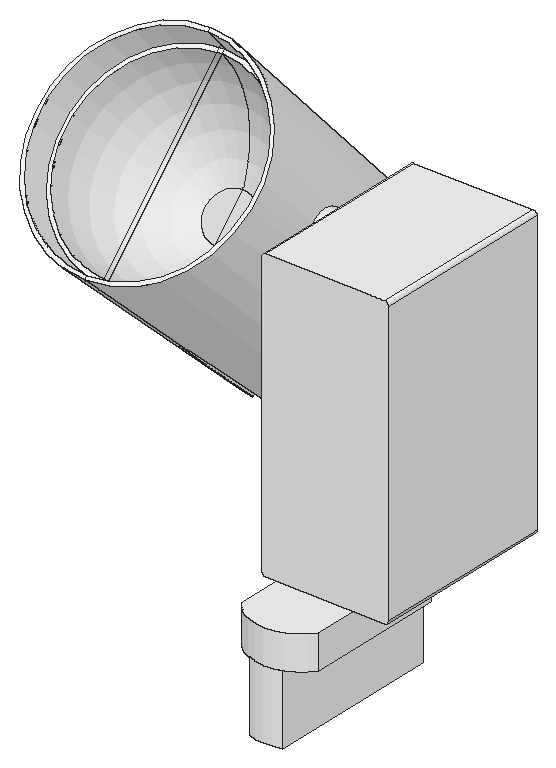
Revit family "0004811 Feilo Sylvania Lighting Fixture START TRACK SPOT S 14W 3K RA80 NB WHITE", category Lighting Fixtures, host Face, Revit 2017
Family settings
  Host = Face
  Round Connector Dimension = Use Diameter
  Part Type = Normal
  OmniClass Number = 23.80.70.00
  OmniClass Title = Lighting
  Cut with Voids When Loaded = No
  Light Source = No
  Shared = No
  Room Calculation Point = No
Parameters (values of type "0004811 START TRACK SPOT S 14W 3K RA80 NB WHITE")
  Weight = "0.94 kg"
  Wattage Comments = ""
  WarrantyStartDate [instance] = "n/a"
  WarrantyGuarantorParts = "n/a"
  WarrantyDurationUnit = "n/a"
  WarrantyDurationParts = "n/a"
  WarrantyDescription = "n/a"
  Voltage = 230 V
  URL = "http://www.sylvania-lighting.com"
  TypeName = "START TRACK SPOT S 14W 3K RA80 NB WHITE"
  TypeHead_FEILO = Start Track Spot Head : 0004811 START TRACK SPOT S 14W 3K RA80 NB WHITE
  TypeBox_FEILO = Start Track Spot Box : Type Small White
  Type Image = <None>
  Type Comments = "n/a"
  VerticalRotation_FEILO [instance] = 0.00°
  SlideEndAngle_FEILO [instance] = VerticalRotation_FEILO + 180.00°  # 180.00°
  SerialNumber [instance] = "n/a"
  Material_3_FEILO = none
  PowerFactor = 0.92
  PowerConsumption = "14 W"
  NominalLength = 0 mm
  NominalHeight = 200 mm
  NominalDepth = 140 mm
  Name = "START TRACK SPOT S 14W 3K RA80 NB WHITE"
  ModelReference = Name  # "START TRACK SPOT S 14W 3K RA80 NB WHITE"
  ModelNumber = "0004811"
  Model = Name  # "START TRACK SPOT S 14W 3K RA80 NB WHITE"
  Material = "adc12 aluminium housing, polycarbonate diffuser"
  ManufacturerName = "Feilo Sylvania"
  Manufacturer = "Feilo Sylvania"
  LuminousEfficacy = "111 lm/W"
  LuminaireType = ""
  LightOutputRatio = "100"
  LampsType = Lamp  # "LED"
  LampNominalLuminous = "1551 lm"
  LampMacAdamStep = "3"
  LampColourTemperature = "3000 K"
  LampColourRenderingIndex = "80"
  Lamp = "LED"
  Keynote = "16500"
  InstallationDate [instance] = "n/a"
  InputVoltage = "230-240V~"
  InputNominalFrequency = "50/60 Hz"
  IngressProtection = "IP20"
  ImpactProtectionIndex = "IK02"
  IfcExportType = "IfcLightFixtureType"
  IfcExportAs = "IfcLightFixtureType"
  HorizontalRotation_FEILO [instance] = 45.00°
  ExpectedLife = 50000
  ElectricShockClassification = "Class II"
  DurationUnit = "hours"
  DocumentationLiterature = "http://www.sylvania-lighting.com/product/en-int/products/0004811"
  DimmingControlOptions = "Non dimmable"
  Material_2_FEILO = none
  Description = "Integrated LED spotlight, Textured White - RAL9016, compact and minimalist design, ideal for retail applications, die-cast aluminium body, passive cooling heatsink. Beam angle: 12°, color temperature: 3000K , total system power: 14W, total fixture output: 1551 lm, LOR: 100%, colour rendering: Ra: 80 typical, LED Chromaticity: 3 step MacAdam ellipse, lifetime: >50000 hours at L70B50, energy class: A++, A+, A, IR/UV free light source without heat radiation, operating voltage: 220-240V / 50-60Hz, drive current: 350mA, electronic driver, non-dimmable, power factor: 0.92, electrical protection: Class II, Global Track 3 Phase adapter suitable for Global trac 3-circuit tracks, ingress protection rating: IP20, suitable for internal environment only, horizontal rotation: 355°, vertical tilt: 90°, dimensions: Ø86x140x200, weight: 0.940kg."
  Default Elevation = 1219.2 mm
  CreatedOn = "12/12/2017"
  CreatedBy = ""
  Cost = 0
  built-in parameter 1114216 [instance] = (empty or 0)
  ClassificationValue = "EF_70_80"
  ClassificationName = "Uniclass2015"
  Material_1_FEILO = Body-Sylvania-StartTrackSpot-White
  BarCode [instance] = "n/a"
  AssetType = "Fixed"
  AssetIdentifier [instance] = "n/a"
  Assembly Code = "D5020200"
  Apparent Load = 14 VA
  Material_4_FEILO = none
Reference planes
  plane 1 "Center (Front/Back)": y = 0
  plane 2: z = 0
  plane 3 "Center (Left/Right)": x = 0
  plane 4: x = 15
  plane 5: x = -15
  plane 6: y = 35
  plane 7: y = -35
  plane 8: z = 13
  plane 9: z = -27
  plane 10: x = 6.5
  plane 11: x = -6.5
  plane 12: y = 27
  plane 13: y = -27
  plane 14: y = 20
Forms (mm)
  Extrusion 1, solid, material "Body-Sylvania-StartTrackSpot-White" <- "Material_1_FEILO"
    sketch origin (0, 0, 0) x (1, 0, 0) y (0, 1, 0)
      loop
        line (-15, 27) -> (-15, -27)
        arc (-15, -27) -> (0, -35) -> (15, -27) r 18.062
        line (15, -27) -> (15, 27)
        arc (15, 27) -> (0, 35) -> (-15, 27) r 18.062
    from 0 to 13
  Extrusion 2, solid, material "Body-Sylvania-StartTrackSpot-White" <- "Material_1_FEILO"
    sketch origin (0, 0, 0) x (1, 0, 0) y (0, 1, 0)
      loop
        arc (6.5, 33.79) -> (0, 35) -> (-6.5, 33.79) r 18.062
        line (-6.5, 33.79) -> (-6.5, -33.79)
        arc (-6.5, -33.79) -> (0, -35) -> (6.5, -33.79) r 18.062
        line (6.5, -33.79) -> (6.5, 33.79)
    from 0 to -27
  Revolve 3, solid, not visible
    sketch origin (1524, 20, 1219.2) x (1, 0, 0) y (0, 0, 1)
      loop
        line (-1524, -1206.2) -> (-1524, -1191.285) -> (-1530.5, -1191.285) -> (-1530.5, -1206.2) -> (-1524, -1206.2)
      axis (-1524, -1191.285) -> (-1524, -1206.2)
    angle from 0 <- "VerticalRotation_FEILO" to 180 <- "SlideEndAngle_FEILO"
Cuts and joins
  joined: Extrusion 1, Extrusion 2
Dimensions and locks
  equal spacing: plane 10, plane 3 "Center (Left/Right)", plane 11
  equal spacing: plane 4, plane 3 "Center (Left/Right)", plane 5
  locked: plane 8 to plane 2 at 13
  locked: plane 8 to plane 9 at 40
  equal spacing: plane 13, plane 1 "Center (Front/Back)", plane 12
  locked: plane 12 to plane 6 at 8
  locked: plane 14 to plane 6 at 15
  locked: Revolve 3 sketch curve to plane 8 at 14.915
  aligned and locked: plane 2 to host face
  aligned and locked: level to host face
  aligned and locked: plane 5 to Extrusion 1 sketch curve  (x2)
  aligned and locked: plane 12 to Extrusion 1 sketch curve
  aligned and locked: plane 13 to Extrusion 1 sketch curve
  aligned and locked: plane 4 to Extrusion 1 sketch curve
  aligned and locked: Extrusion 1 to plane 8
  aligned and locked: Extrusion 1 to level
  aligned and locked: Extrusion 2 sketch curve to Extrusion 1  (x2)
  aligned and locked: Extrusion 2 sketch curve to plane 11
  aligned and locked: plane 10 to Extrusion 2 sketch curve
  aligned and locked: plane 9 to Extrusion 2
  aligned and locked: level to Extrusion 2
  aligned and locked: Revolve 3 sketch curve to plane 3 "Center (Left/Right)"  (x2)
  aligned and locked: plane 11 to Revolve 3 sketch curve
  aligned and locked: Revolve 3 sketch curve to plane 8
Automatic sketch dimensions
  host sketch curve to host sketch curve = 2438.4 mm  (x2)
  Extrusion 1 sketch curve to plane 3 "Center (Left/Right)" = 0 mm  (x2)
  Extrusion 1 sketch curve to plane 13 = 10.062 mm
  plane 12 to Extrusion 1 sketch curve = 10.062 mm
  Revolve 3 sketch curve to plane 3 "Center (Left/Right)" = 0 mm
  plane 9 to Revolve 3 sketch curve = 582.6 mm
  Revolve 3 sketch curve to Revolve 3 sketch curve = 2581.144 mm
Nested families
  nested 1: "Start Track Spot Head" at (-62, 20, 112.529) x (0, 0.7071, 0.7071) z (0, 0.7071, -0.7071), type <- "TypeHead_FEILO", type "0004811 START TRACK SPOT S 14W 3K RA80 NB WHITE"
    with built-in parameter 1114216 (empty or 0)
  nested 2: "Start Track Spot Box" at (8.5, 20, 73) x (-1, 0, 0) z (0, -1, 0), BoxStartAngle_FEILO <- "HorizontalRotation_FEILO", type <- "TypeBox_FEILO", type "Type Small White"
    with BoxStartAngle_FEILO 45.00°, BoxEndAngle_FEILO -135.00°
Connectors
  electrical at (0, 0, 0), driven by "Apparent Load", driven by "PowerFactor", driven by "Voltage"
    settings: index 1, voltage 230 V, apparent load 14 VA, apparent load phase1 0 VA, apparent load phase2 0 VA, apparent load phase3 0 VA, power factor 0.92, load classification "Lighting", number of poles 1, system type 30, power factor state 1, is connector primary yes, connector utility no, sub classification motor no, connector description ""
Definition of nested family "Start Track Spot Head"
  Parameters (values of type "0004811 START TRACK SPOT S 14W 3K RA80 NB WHITE")
    Wattage Comments = "n/a"
    Wattage = 14 W
    built-in parameter 1150110 = 1 (stored number, unit not read)
    URL = "http://www.feilosylvania.com"
    Type Image = (empty or 0)
    Type Comments = "n/a"
    built-in parameter 1114217 = 1 (stored number, unit not read)
    Tilt Angle = -90.00°
    built-in parameter 1150109 = 1 (stored number, unit not read)
    built-in parameter 1150134 = (empty or 0)
    built-in parameter 1150113 = 1 (stored number, unit not read)
    Photometric Web File = "0004811.ies"
    Material_3_FEILO = none
    Model = "START TRACK SPOT S 14W 3K RA80 NB WHITE"
    Manufacturer = "Feilo Sylvania"
    built-in parameter 1150105 = 123.66 (stored number, unit not read)
    Lumens = 1554 lm
    built-in parameter 1150115 = 1 (stored number, unit not read)
    built-in parameter 1150137 = (empty or 0)
    built-in parameter 1150139 = (empty or 0)
    built-in parameter 1150112 = 1 (stored number, unit not read)
    built-in parameter 1150114 = 1 (stored number, unit not read)
    Lamp = "LED"
    Keynote = "16500"
    Material_2_FEILO = none
    built-in parameter 1150132 = (empty or 0)
    built-in parameter 1150102 = (empty or 0)
    built-in parameter 1150107 = 3000 (stored number, unit not read)
    built-in parameter 1150138 = (empty or 0)
    built-in parameter 1150106 = 1.2366 (stored number, unit not read)
    HeadThickness_FEILO = if(HeadDiaOut_FEILO > 112 mm, 2 mm, 1.5 mm)  # 1.5 mm
    HeadRibOffset_FEILO = HeadHeight_FEILO / 28  # 4.179 mm
    HeadRibDepth_FEILO = HeadHeight_FEILO / 2.1  # 55.714 mm
    HeadRibCutWidth_FEILO = HeadDiaOut_FEILO / 12  # 7.167 mm
    HeadRibCutOffset_FEILO = HeadHeight_FEILO / 2.3  # 50.87 mm
    HeadReflectorRadius_FEILO = HeadDiaOut_FEILO / 1.7  # 50.588 mm
    HeadReflectorOffset_FEILO = HeadHeight_FEILO / 2.1  # 55.714 mm
    HeadLEDRadius_FEILO = HeadDiaOut_FEILO / 9  # 9.556 mm
    HeadHeight_FEILO = 117 mm
    HeadDraft_FEILO = 1 mm
    HeadDiffusorThickness_FEILO = 3 mm
    HeadDiffusorOffset_FEILO = HeadHeight_FEILO / 12.4  # 9.435 mm
    HeadDiaOut_FEILO = 86 mm
    HeadDiaIn_FEILO = HeadDiaOut_FEILO / 1.11  # 77.477 mm
    HeadAxisFromTop_FEILO = HeadHeight_FEILO / 1.687  # 69.354 mm
    Emit from Circle Diameter = HeadDiaIn_FEILO  # 77.477 mm
    Emit Shape Visible in Rendering = no
    built-in parameter 1150104 = 10.312 (stored number, unit not read)
    Dimming Lamp Color Temperature Shift = (empty or 0)
    Description = "Integrated LED spotlight, Textured White - RAL9016, compact and minimalist design, ideal for retail applications, die-cast aluminium body, passive cooling heatsink. Beam angle: 12°, color temperature: 3000K , total system power: 14W, total fixture output: 1551 lm, LOR: 100%, colour rendering: Ra: 80 typical, LED Chromaticity: 3 step MacAdam ellipse, lifetime: >50000 hours at L70B50, energy class: A++, A+, A, IR/UV free light source without heat radiation, operating voltage: 220-240V / 50-60Hz, drive current: 350mA, electronic driver, non-dimmable, power factor: 0.92, electrical protection: Class II, Global Track 3 Phase adapter suitable for Global trac 3-circuit tracks, ingress protection rating: IP20, suitable for internal environment only, horizontal rotation: 355°, vertical tilt: 90°, dimensions: Ø86x140x200, weight: 0.940kg."
    Default Elevation = 1219.2 mm
    Cost = 0
    Color Filter = 16777215
    built-in parameter 1114216 [instance] = (empty or 0)
    Material_1_FEILO = none
    built-in parameter 1114218 = 1 (stored number, unit not read)
    built-in parameter 1150133 = 10 (stored number, unit not read)
    Assembly Code = "D5020200"
    Apparent Load = 14 VA
    Material_4_FEILO = none
  Types (96, lengths in mm): name | Wattage | built-in parameter 1150134 | Photometric Web File | Model | built-in parameter 1150105 | Lumens | built-in parameter 1150107 | built-in parameter 1150106 | HeadThickness_FEILO | HeadRibOffset_FEILO | HeadRibDepth_FEILO | HeadRibCutWidth_FEILO | HeadRibCutOffset_FEILO | HeadReflectorRadius_FEILO | HeadReflectorOffset_FEILO | HeadLEDRadius_FEILO | HeadHeight_FEILO | HeadDiffusorOffset_FEILO | HeadDiaOut_FEILO | HeadDiaIn_FEILO | HeadAxisFromTop_FEILO | Emit from Circle Diameter | built-in parameter 1150104 | Description | Apparent Load
    0004906 START TRACK SPOT L 55W 4K RA90 WB BLACK | 55 W | 12 | "0004906.ies" | "START TRACK SPOT L 55W 4K RA90 WB BLACK" | 385.15 (stored number, unit not read) | 4840 lm | 4000 (stored number, unit not read) | 3.8515 (stored number, unit not read) | 2 | 4.429 | 59.048 | 9.417 | 53.913 | 66.471 | 59.048 | 12.556 | 124 | 10 | 113 | 101.802 | 73.503 | 101.802 | 8.1755 (stored number, unit not read) | "Integrated LED spotlight, Textured Black - RAL9005, compact and minimalist design, ideal for retail applications, die-cast aluminium body, passive cooling heatsink. Beam angle: 52°, color temperature: 4000K , total system power: 55W, total fixture output: 4824 lm, LOR: 100%, colour rendering: Ra: 90 typical, LED Chromaticity: 3 step MacAdam ellipse, lifetime: >50000 hours at L70B50, energy class: A++, A+, A, IR/UV free light source without heat radiation, operating voltage: 220-240V / 50-60Hz, drive current: 1400mA, electronic driver, non-dimmable, power factor: 0.96, electrical protection: Class II, Global Track 3 Phase adapter suitable for Global trac 3-circuit tracks, ingress protection rating: IP20, suitable for internal environment only, horizontal rotation: 355°, vertical tilt: 90°, dimensions: Ø113x164x240, weight: 1.398kg." | 55 VA
    0004905 START TRACK SPOT L 55W 4K RA90 MB BLACK | 55 W | 12 | "0004905.ies" | "START TRACK SPOT L 55W 4K RA90 MB BLACK" | 389.53 (stored number, unit not read) | 4895 lm | 4000 (stored number, unit not read) | 3.8953 (stored number, unit not read) | 2 | 4.429 | 59.048 | 9.417 | 53.913 | 66.471 | 59.048 | 12.556 | 124 | 10 | 113 | 101.802 | 73.503 | 101.802 | 8.2684 (stored number, unit not read) | "Integrated LED spotlight, Textured Black - RAL9005, compact and minimalist design, ideal for retail applications, die-cast aluminium body, passive cooling heatsink. Beam angle: 38°, color temperature: 4000K , total system power: 55W, total fixture output: 4897 lm, LOR: 100%, colour rendering: Ra: 90 typical, LED Chromaticity: 3 step MacAdam ellipse, lifetime: >50000 hours at L70B50, energy class: A++, A+, A, IR/UV free light source without heat radiation, operating voltage: 220-240V / 50-60Hz, drive current: 1400mA, electronic driver, non-dimmable, power factor: 0.96, electrical protection: Class II, Global Track 3 Phase adapter suitable for Global trac 3-circuit tracks, ingress protection rating: IP20, suitable for internal environment only, horizontal rotation: 355°, vertical tilt: 90°, dimensions: Ø113x164x240, weight: 1.398kg." | 55 VA
    0004904 START TRACK SPOT L 55W 4K RA90 NB BLACK | 55 W | 12 | "0004904.ies" | "START TRACK SPOT L 55W 4K RA90 NB BLACK" | 393.91 (stored number, unit not read) | 4950 lm | 4000 (stored number, unit not read) | 3.9391 (stored number, unit not read) | 2 | 4.429 | 59.048 | 9.417 | 53.913 | 66.471 | 59.048 | 12.556 | 124 | 10 | 113 | 101.802 | 73.503 | 101.802 | 8.3613 (stored number, unit not read) | "Integrated LED spotlight, Textured Black - RAL9005, compact and minimalist design, ideal for retail applications, die-cast aluminium body, passive cooling heatsink. Beam angle: 15°, color temperature: 4000K , total system power: 55W, total fixture output: 4965 lm, LOR: 100%, colour rendering: Ra: 90 typical, LED Chromaticity: 3 step MacAdam ellipse, lifetime: >50000 hours at L70B50, energy class: A++, A+, A, IR/UV free light source without heat radiation, operating voltage: 220-240V / 50-60Hz, drive current: 1400mA, electronic driver, non-dimmable, power factor: 0.96, electrical protection: Class II, Global Track 3 Phase adapter suitable for Global trac 3-circuit tracks, ingress protection rating: IP20, suitable for internal environment only, horizontal rotation: 355°, vertical tilt: 90°, dimensions: Ø113x164x240, weight: 1.398kg." | 55 VA
    0004903 START TRACK SPOT L 35W 4K RA90 WB BLACK | 35 W | 12 | "0004903.ies" | "START TRACK SPOT L 35W 4K RA90 WB BLACK" | 284.09 (stored number, unit not read) | 3570 lm | 4000 (stored number, unit not read) | 2.8409 (stored number, unit not read) | 2 | 4.429 | 59.048 | 9.417 | 53.913 | 66.471 | 59.048 | 12.556 | 124 | 10 | 113 | 101.802 | 73.503 | 101.802 | 9.4761 (stored number, unit not read) | "Integrated LED spotlight, Textured Black - RAL9005, compact and minimalist design, ideal for retail applications, die-cast aluminium body, passive cooling heatsink. Beam angle: 52°, color temperature: 4000K , total system power: 35W, total fixture output: 3562 lm, LOR: 100%, colour rendering: Ra: 90 typical, LED Chromaticity: 3 step MacAdam ellipse, lifetime: >50000 hours at L70B50, energy class: A++, A+, A, IR/UV free light source without heat radiation, operating voltage: 220-240V / 50-60Hz, drive current: 900mA, electronic driver, non-dimmable, power factor: 0.93, electrical protection: Class II, Global Track 3 Phase adapter suitable for Global trac 3-circuit tracks, ingress protection rating: IP20, suitable for internal environment only, horizontal rotation: 355°, vertical tilt: 90°, dimensions: Ø113x164x240, weight: 1.368kg." | 35 VA
    0004902 START TRACK SPOT L 35W 4K RA90 MB BLACK | 35 W | 12 | "0004902.ies" | "START TRACK SPOT L 35W 4K RA90 MB BLACK" | 286.88 (stored number, unit not read) | 3605 lm | 4000 (stored number, unit not read) | 2.8688 (stored number, unit not read) | 2 | 4.429 | 59.048 | 9.417 | 53.913 | 66.471 | 59.048 | 12.556 | 124 | 10 | 113 | 101.802 | 73.503 | 101.802 | 9.569 (stored number, unit not read) | "Integrated LED spotlight, Textured Black - RAL9005, compact and minimalist design, ideal for retail applications, die-cast aluminium body, passive cooling heatsink. Beam angle: 38°, color temperature: 4000K , total system power: 35W, total fixture output: 3616 lm, LOR: 100%, colour rendering: Ra: 90 typical, LED Chromaticity: 3 step MacAdam ellipse, lifetime: >50000 hours at L70B50, energy class: A++, A+, A, IR/UV free light source without heat radiation, operating voltage: 220-240V / 50-60Hz, drive current: 900mA, electronic driver, non-dimmable, power factor: 0.93, electrical protection: Class II, Global Track 3 Phase adapter suitable for Global trac 3-circuit tracks, ingress protection rating: IP20, suitable for internal environment only, horizontal rotation: 355°, vertical tilt: 90°, dimensions: Ø113x164x240, weight: 1.368kg." | 35 VA
    0004901 START TRACK SPOT L 35W 4K RA90 NB BLACK | 35 W | 12 | "0004901.ies" | "START TRACK SPOT L 35W 4K RA90 NB BLACK" | 286.88 (stored number, unit not read) | 3605 lm | 4000 (stored number, unit not read) | 2.8688 (stored number, unit not read) | 2 | 4.429 | 59.048 | 9.417 | 53.913 | 66.471 | 59.048 | 12.556 | 124 | 10 | 113 | 101.802 | 73.503 | 101.802 | 9.569 (stored number, unit not read) | "Integrated LED spotlight, Textured Black - RAL9005, compact and minimalist design, ideal for retail applications, die-cast aluminium body, passive cooling heatsink. Beam angle: 15°, color temperature: 4000K , total system power: 35W, total fixture output: 3593 lm, LOR: 100%, colour rendering: Ra: 90 typical, LED Chromaticity: 3 step MacAdam ellipse, lifetime: >50000 hours at L70B50, energy class: A++, A+, A, IR/UV free light source without heat radiation, operating voltage: 220-240V / 50-60Hz, drive current: 900mA, electronic driver, non-dimmable, power factor: 0.93, electrical protection: Class II, Global Track 3 Phase adapter suitable for Global trac 3-circuit tracks, ingress protection rating: IP20, suitable for internal environment only, horizontal rotation: 355°, vertical tilt: 90°, dimensions: Ø113x164x240, weight: 1.368kg." | 35 VA
    0004900 START TRACK SPOT S 24W 4K RA90 WB BLACK | 24 W | 12 | "0004900.ies" | "START TRACK SPOT S 24W 4K RA90 WB BLACK" | 166.16 (stored number, unit not read) | 2088 lm | 4000 (stored number, unit not read) | 1.6616 (stored number, unit not read) | 1.5 | 4.179 | 55.714 | 7.167 | 50.87 | 50.588 | 55.714 | 9.556 | 117 | 9.435 | 86 | 77.477 | 69.354 | 77.477 | 8.0826 (stored number, unit not read) | "Integrated LED spotlight, Textured Black - RAL9005, compact and minimalist design, ideal for retail applications, die-cast aluminium body, passive cooling heatsink. Beam angle: 64°, color temperature: 4000K , total system power: 24W, total fixture output: 2087 lm, LOR: 100%, colour rendering: Ra: 90 typical, LED Chromaticity: 3 step MacAdam ellipse, lifetime: >50000 hours at L70B50, energy class: A++, A+, A, IR/UV free light source without heat radiation, operating voltage: 220-240V / 50-60Hz, drive current: 600mA, electronic driver, non-dimmable, power factor: 0.95, electrical protection: Class II, Global Track 3 Phase adapter suitable for Global trac 3-circuit tracks, ingress protection rating: IP20, suitable for internal environment only, horizontal rotation: 355°, vertical tilt: 90°, dimensions: Ø86x140x200, weight: 0.966kg." | 24 VA
    0004899 START TRACK SPOT S 24W 4K RA90 MB BLACK | 24 W | 12 | "0004899.ies" | "START TRACK SPOT S 24W 4K RA90 MB BLACK" | 169.98 (stored number, unit not read) | 2136 lm | 4000 (stored number, unit not read) | 1.6998 (stored number, unit not read) | 1.5 | 4.179 | 55.714 | 7.167 | 50.87 | 50.588 | 55.714 | 9.556 | 117 | 9.435 | 86 | 77.477 | 69.354 | 77.477 | 8.2684 (stored number, unit not read) | "Integrated LED spotlight, Textured Black - RAL9005, compact and minimalist design, ideal for retail applications, die-cast aluminium body, passive cooling heatsink. Beam angle: 36°, color temperature: 4000K , total system power: 24W, total fixture output: 2141 lm, LOR: 100%, colour rendering: Ra: 90 typical, LED Chromaticity: 3 step MacAdam ellipse, lifetime: >50000 hours at L70B50, energy class: A++, A+, A, IR/UV free light source without heat radiation, operating voltage: 220-240V / 50-60Hz, drive current: 600mA, electronic driver, non-dimmable, power factor: 0.95, electrical protection: Class II, Global Track 3 Phase adapter suitable for Global trac 3-circuit tracks, ingress protection rating: IP20, suitable for internal environment only, horizontal rotation: 355°, vertical tilt: 90°, dimensions: Ø86x140x200, weight: 0.966kg." | 24 VA
    0004898 START TRACK SPOT S 24W 4K RA90 NB BLACK | 24 W | 12 | "0004898.ies" | "START TRACK SPOT S 24W 4K RA90 NB BLACK" | 171.89 (stored number, unit not read) | 2160 lm | 4000 (stored number, unit not read) | 1.7189 (stored number, unit not read) | 1.5 | 4.179 | 55.714 | 7.167 | 50.87 | 50.588 | 55.714 | 9.556 | 117 | 9.435 | 86 | 77.477 | 69.354 | 77.477 | 8.3613 (stored number, unit not read) | "Integrated LED spotlight, Textured Black - RAL9005, compact and minimalist design, ideal for retail applications, die-cast aluminium body, passive cooling heatsink. Beam angle: 12°, color temperature: 4000K , total system power: 24W, total fixture output: 2155 lm, LOR: 100%, colour rendering: Ra: 90 typical, LED Chromaticity: 3 step MacAdam ellipse, lifetime: >50000 hours at L70B50, energy class: A++, A+, A, IR/UV free light source without heat radiation, operating voltage: 220-240V / 50-60Hz, drive current: 600mA, electronic driver, non-dimmable, power factor: 0.95, electrical protection: Class II, Global Track 3 Phase adapter suitable for Global trac 3-circuit tracks, ingress protection rating: IP20, suitable for internal environment only, horizontal rotation: 355°, vertical tilt: 90°, dimensions: Ø86x140x200, weight: 0.966kg." | 24 VA
    0004897 START TRACK SPOT S 14W 4K RA90 WB BLACK | 14 W | 12 | "0004897.ies" | "START TRACK SPOT S 14W 4K RA90 WB BLACK" | 108.07 (stored number, unit not read) | 1358 lm | 4000 (stored number, unit not read) | 1.0807 (stored number, unit not read) | 1.5 | 4.179 | 55.714 | 7.167 | 50.87 | 50.588 | 55.714 | 9.556 | 117 | 9.435 | 86 | 77.477 | 69.354 | 77.477 | 9.0116 (stored number, unit not read) | "Integrated LED spotlight, Textured Black - RAL9005, compact and minimalist design, ideal for retail applications, die-cast aluminium body, passive cooling heatsink. Beam angle: 64°, color temperature: 4000K , total system power: 14W, total fixture output: 1352 lm, LOR: 100%, colour rendering: Ra: 90 typical, LED Chromaticity: 3 step MacAdam ellipse, lifetime: >50000 hours at L70B50, energy class: A++, A+, A, IR/UV free light source without heat radiation, operating voltage: 220-240V / 50-60Hz, drive current: 350mA, electronic driver, non-dimmable, power factor: 0.92, electrical protection: Class II, Global Track 3 Phase adapter suitable for Global trac 3-circuit tracks, ingress protection rating: IP20, suitable for internal environment only, horizontal rotation: 355°, vertical tilt: 90°, dimensions: Ø86x140x200, weight: 0.940kg." | 14 VA
    0004896 START TRACK SPOT S 14W 4K RA90 MB BLACK | 14 W | 12 | "0004896.ies" | "START TRACK SPOT S 14W 4K RA90 MB BLACK" | 108.07 (stored number, unit not read) | 1358 lm | 4000 (stored number, unit not read) | 1.0807 (stored number, unit not read) | 1.5 | 4.179 | 55.714 | 7.167 | 50.87 | 50.588 | 55.714 | 9.556 | 117 | 9.435 | 86 | 77.477 | 69.354 | 77.477 | 9.0116 (stored number, unit not read) | "Integrated LED spotlight, Textured Black - RAL9005, compact and minimalist design, ideal for retail applications, die-cast aluminium body, passive cooling heatsink. Beam angle: 36°, color temperature: 4000K , total system power: 14W, total fixture output: 1359 lm, LOR: 100%, colour rendering: Ra: 90 typical, LED Chromaticity: 3 step MacAdam ellipse, lifetime: >50000 hours at L70B50, energy class: A++, A+, A, IR/UV free light source without heat radiation, operating voltage: 220-240V / 50-60Hz, drive current: 350mA, electronic driver, non-dimmable, power factor: 0.92, electrical protection: Class II, Global Track 3 Phase adapter suitable for Global trac 3-circuit tracks, ingress protection rating: IP20, suitable for internal environment only, horizontal rotation: 355°, vertical tilt: 90°, dimensions: Ø86x140x200, weight: 0.940kg." | 14 VA
    0004895 START TRACK SPOT S 14W 4K RA90 NB BLACK | 14 W | 12 | "0004895.ies" | "START TRACK SPOT S 14W 4K RA90 NB BLACK" | 106.95 (stored number, unit not read) | 1344 lm | 4000 (stored number, unit not read) | 1.0695 (stored number, unit not read) | 1.5 | 4.179 | 55.714 | 7.167 | 50.87 | 50.588 | 55.714 | 9.556 | 117 | 9.435 | 86 | 77.477 | 69.354 | 77.477 | 8.9187 (stored number, unit not read) | "Integrated LED spotlight, Textured Black - RAL9005, compact and minimalist design, ideal for retail applications, die-cast aluminium body, passive cooling heatsink. Beam angle: 12°, color temperature: 4000K , total system power: 14W, total fixture output: 1349 lm, LOR: 100%, colour rendering: Ra: 90 typical, LED Chromaticity: 3 step MacAdam ellipse, lifetime: >50000 hours at L70B50, energy class: A++, A+, A, IR/UV free light source without heat radiation, operating voltage: 220-240V / 50-60Hz, drive current: 350mA, electronic driver, non-dimmable, power factor: 0.92, electrical protection: Class II, Global Track 3 Phase adapter suitable for Global trac 3-circuit tracks, ingress protection rating: IP20, suitable for internal environment only, horizontal rotation: 355°, vertical tilt: 90°, dimensions: Ø86x140x200, weight: 0.940kg." | 14 VA
    0004894 START TRACK SPOT L 55W 3K RA90 WB BLACK | 55 W | (empty or 0) | "0004894.ies" | "START TRACK SPOT L 55W 3K RA90 WB BLACK" | 350.14 (stored number, unit not read) | 4400 lm | 3000 (stored number, unit not read) | 3.5014 (stored number, unit not read) | 2 | 4.429 | 59.048 | 9.417 | 53.913 | 66.471 | 59.048 | 12.556 | 124 | 10 | 113 | 101.802 | 73.503 | 101.802 | 7.4322 (stored number, unit not read) | "Integrated LED spotlight, Textured Black - RAL9005, compact and minimalist design, ideal for retail applications, die-cast aluminium body, passive cooling heatsink. Beam angle: 52°, color temperature: 3000K , total system power: 55W, total fixture output: 4405 lm, LOR: 100%, colour rendering: Ra: 90 typical, LED Chromaticity: 3 step MacAdam ellipse, lifetime: >50000 hours at L70B50, energy class: A++, A+, A, IR/UV free light source without heat radiation, operating voltage: 220-240V / 50-60Hz, drive current: 1400mA, electronic driver, non-dimmable, power factor: 0.96, electrical protection: Class II, Global Track 3 Phase adapter suitable for Global trac 3-circuit tracks, ingress protection rating: IP20, suitable for internal environment only, horizontal rotation: 355°, vertical tilt: 90°, dimensions: Ø113x164x240, weight: 1.398kg." | 55 VA
    0004893 START TRACK SPOT L 55W 3K RA90 MB BLACK | 55 W | (empty or 0) | "0004893.ies" | "START TRACK SPOT L 55W 3K RA90 MB BLACK" | 354.52 (stored number, unit not read) | 4455 lm | 3000 (stored number, unit not read) | 3.5452 (stored number, unit not read) | 2 | 4.429 | 59.048 | 9.417 | 53.913 | 66.471 | 59.048 | 12.556 | 124 | 10 | 113 | 101.802 | 73.503 | 101.802 | 7.5251 (stored number, unit not read) | "Integrated LED spotlight, Textured Black - RAL9005, compact and minimalist design, ideal for retail applications, die-cast aluminium body, passive cooling heatsink. Beam angle: 38°, color temperature: 3000K , total system power: 55W, total fixture output: 4448 lm, LOR: 100%, colour rendering: Ra: 90 typical, LED Chromaticity: 3 step MacAdam ellipse, lifetime: >50000 hours at L70B50, energy class: A++, A+, A, IR/UV free light source without heat radiation, operating voltage: 220-240V / 50-60Hz, drive current: 1400mA, electronic driver, non-dimmable, power factor: 0.96, electrical protection: Class II, Global Track 3 Phase adapter suitable for Global trac 3-circuit tracks, ingress protection rating: IP20, suitable for internal environment only, horizontal rotation: 355°, vertical tilt: 90°, dimensions: Ø113x164x240, weight: 1.398kg." | 55 VA
    0004892 START TRACK SPOT L 55W 3K RA90 NB BLACK | 55 W | (empty or 0) | "0004892.ies" | "START TRACK SPOT L 55W 3K RA90 NB BLACK" | 350.14 (stored number, unit not read) | 4400 lm | 3000 (stored number, unit not read) | 3.5014 (stored number, unit not read) | 2 | 4.429 | 59.048 | 9.417 | 53.913 | 66.471 | 59.048 | 12.556 | 124 | 10 | 113 | 101.802 | 73.503 | 101.802 | 7.4322 (stored number, unit not read) | "Integrated LED spotlight, Textured Black - RAL9005, compact and minimalist design, ideal for retail applications, die-cast aluminium body, passive cooling heatsink. Beam angle: 15°, color temperature: 3000K , total system power: 55W, total fixture output: 4416 lm, LOR: 100%, colour rendering: Ra: 90 typical, LED Chromaticity: 3 step MacAdam ellipse, lifetime: >50000 hours at L70B50, energy class: A++, A+, A, IR/UV free light source without heat radiation, operating voltage: 220-240V / 50-60Hz, drive current: 1400mA, electronic driver, non-dimmable, power factor: 0.96, electrical protection: Class II, Global Track 3 Phase adapter suitable for Global trac 3-circuit tracks, ingress protection rating: IP20, suitable for internal environment only, horizontal rotation: 355°, vertical tilt: 90°, dimensions: Ø113x164x240, weight: 1.398kg." | 55 VA
    0004891 START TRACK SPOT L 35W 3K RA90 WB BLACK | 35 W | (empty or 0) | "0004891.ies" | "START TRACK SPOT L 35W 3K RA90 WB BLACK" | 259.02 (stored number, unit not read) | 3255 lm | 3000 (stored number, unit not read) | 2.5902 (stored number, unit not read) | 2 | 4.429 | 59.048 | 9.417 | 53.913 | 66.471 | 59.048 | 12.556 | 124 | 10 | 113 | 101.802 | 73.503 | 101.802 | 8.64 (stored number, unit not read) | "Integrated LED spotlight, Textured Black - RAL9005, compact and minimalist design, ideal for retail applications, die-cast aluminium body, passive cooling heatsink. Beam angle: 52°, color temperature: 3000K , total system power: 35W, total fixture output: 3260 lm, LOR: 100%, colour rendering: Ra: 90 typical, LED Chromaticity: 3 step MacAdam ellipse, lifetime: >50000 hours at L70B50, energy class: A++, A+, A, IR/UV free light source without heat radiation, operating voltage: 220-240V / 50-60Hz, drive current: 900mA, electronic driver, non-dimmable, power factor: 0.93, electrical protection: Class II, Global Track 3 Phase adapter suitable for Global trac 3-circuit tracks, ingress protection rating: IP20, suitable for internal environment only, horizontal rotation: 355°, vertical tilt: 90°, dimensions: Ø113x164x240, weight: 1.368kg." | 35 VA
    0004890 START TRACK SPOT L 35W 3K RA90 MB BLACK | 35 W | (empty or 0) | "0004890.ies" | "START TRACK SPOT L 35W 3K RA90 MB BLACK" | 261.81 (stored number, unit not read) | 3290 lm | 3000 (stored number, unit not read) | 2.6181 (stored number, unit not read) | 2 | 4.429 | 59.048 | 9.417 | 53.913 | 66.471 | 59.048 | 12.556 | 124 | 10 | 113 | 101.802 | 73.503 | 101.802 | 8.7329 (stored number, unit not read) | "Integrated LED spotlight, Textured Black - RAL9005, compact and minimalist design, ideal for retail applications, die-cast aluminium body, passive cooling heatsink. Beam angle: 38°, color temperature: 3000K , total system power: 35W, total fixture output: 3306 lm, LOR: 100%, colour rendering: Ra: 90 typical, LED Chromaticity: 3 step MacAdam ellipse, lifetime: >50000 hours at L70B50, energy class: A++, A+, A, IR/UV free light source without heat radiation, operating voltage: 220-240V / 50-60Hz, drive current: 900mA, electronic driver, non-dimmable, power factor: 0.93, electrical protection: Class II, Global Track 3 Phase adapter suitable for Global trac 3-circuit tracks, ingress protection rating: IP20, suitable for internal environment only, horizontal rotation: 355°, vertical tilt: 90°, dimensions: Ø113x164x240, weight: 1.368kg." | 35 VA
    0004889 START TRACK SPOT L 35W 3K RA90 NB BLACK | 35 W | (empty or 0) | "0004889.ies" | "START TRACK SPOT L 35W 3K RA90 NB BLACK" | 261.81 (stored number, unit not read) | 3290 lm | 3000 (stored number, unit not read) | 2.6181 (stored number, unit not read) | 2 | 4.429 | 59.048 | 9.417 | 53.913 | 66.471 | 59.048 | 12.556 | 124 | 10 | 113 | 101.802 | 73.503 | 101.802 | 8.7329 (stored number, unit not read) | "Integrated LED spotlight, Textured Black - RAL9005, compact and minimalist design, ideal for retail applications, die-cast aluminium body, passive cooling heatsink. Beam angle: 15°, color temperature: 3000K , total system power: 35W, total fixture output: 3287 lm, LOR: 100%, colour rendering: Ra: 90 typical, LED Chromaticity: 3 step MacAdam ellipse, lifetime: >50000 hours at L70B50, energy class: A++, A+, A, IR/UV free light source without heat radiation, operating voltage: 220-240V / 50-60Hz, drive current: 900mA, electronic driver, non-dimmable, power factor: 0.93, electrical protection: Class II, Global Track 3 Phase adapter suitable for Global trac 3-circuit tracks, ingress protection rating: IP20, suitable for internal environment only, horizontal rotation: 355°, vertical tilt: 90°, dimensions: Ø113x164x240, weight: 1.368kg." | 35 VA
    0004888 START TRACK SPOT S 24W 3K RA90 WB BLACK | 24 W | (empty or 0) | "0004888.ies" | "START TRACK SPOT S 24W 3K RA90 WB BLACK" | 152.79 (stored number, unit not read) | 1920 lm | 3000 (stored number, unit not read) | 1.5279 (stored number, unit not read) | 1.5 | 4.179 | 55.714 | 7.167 | 50.87 | 50.588 | 55.714 | 9.556 | 117 | 9.435 | 86 | 77.477 | 69.354 | 77.477 | 7.4322 (stored number, unit not read) | "Integrated LED spotlight, Textured Black - RAL9005, compact and minimalist design, ideal for retail applications, die-cast aluminium body, passive cooling heatsink. Beam angle: 64°, color temperature: 3000K , total system power: 24W, total fixture output: 1928 lm, LOR: 100%, colour rendering: Ra: 90 typical, LED Chromaticity: 3 step MacAdam ellipse, lifetime: >50000 hours at L70B50, energy class: A++, A+, A, IR/UV free light source without heat radiation, operating voltage: 220-240V / 50-60Hz, drive current: 600mA, electronic driver, non-dimmable, power factor: 0.95, electrical protection: Class II, Global Track 3 Phase adapter suitable for Global trac 3-circuit tracks, ingress protection rating: IP20, suitable for internal environment only, horizontal rotation: 355°, vertical tilt: 90°, dimensions: Ø86x140x200, weight: 0.966kg." | 24 VA
    0004887 START TRACK SPOT S 24W 3K RA90 MB BLACK | 24 W | (empty or 0) | "0004887.ies" | "START TRACK SPOT S 24W 3K RA90 MB BLACK" | 154.7 (stored number, unit not read) | 1944 lm | 3000 (stored number, unit not read) | 1.547 (stored number, unit not read) | 1.5 | 4.179 | 55.714 | 7.167 | 50.87 | 50.588 | 55.714 | 9.556 | 117 | 9.435 | 86 | 77.477 | 69.354 | 77.477 | 7.5251 (stored number, unit not read) | "Integrated LED spotlight, Textured Black - RAL9005, compact and minimalist design, ideal for retail applications, die-cast aluminium body, passive cooling heatsink. Beam angle: 36°, color temperature: 3000K , total system power: 24W, total fixture output: 1944 lm, LOR: 100%, colour rendering: Ra: 90 typical, LED Chromaticity: 3 step MacAdam ellipse, lifetime: >50000 hours at L70B50, energy class: A++, A+, A, IR/UV free light source without heat radiation, operating voltage: 220-240V / 50-60Hz, drive current: 600mA, electronic driver, non-dimmable, power factor: 0.95, electrical protection: Class II, Global Track 3 Phase adapter suitable for Global trac 3-circuit tracks, ingress protection rating: IP20, suitable for internal environment only, horizontal rotation: 355°, vertical tilt: 90°, dimensions: Ø86x140x200, weight: 0.966kg." | 24 VA
    0004886 START TRACK SPOT S 24W 3K RA90 NB BLACK | 24 W | (empty or 0) | "0004886.ies" | "START TRACK SPOT S 24W 3K RA90 NB BLACK" | 158.52 (stored number, unit not read) | 1992 lm | 3000 (stored number, unit not read) | 1.5852 (stored number, unit not read) | 1.5 | 4.179 | 55.714 | 7.167 | 50.87 | 50.588 | 55.714 | 9.556 | 117 | 9.435 | 86 | 77.477 | 69.354 | 77.477 | 7.711 (stored number, unit not read) | "Integrated LED spotlight, Textured Black - RAL9005, compact and minimalist design, ideal for retail applications, die-cast aluminium body, passive cooling heatsink. Beam angle: 12°, color temperature: 3000K , total system power: 24W, total fixture output: 1987 lm, LOR: 100%, colour rendering: Ra: 90 typical, LED Chromaticity: 3 step MacAdam ellipse, lifetime: >50000 hours at L70B50, energy class: A++, A+, A, IR/UV free light source without heat radiation, operating voltage: 220-240V / 50-60Hz, drive current: 600mA, electronic driver, non-dimmable, power factor: 0.95, electrical protection: Class II, Global Track 3 Phase adapter suitable for Global trac 3-circuit tracks, ingress protection rating: IP20, suitable for internal environment only, horizontal rotation: 355°, vertical tilt: 90°, dimensions: Ø86x140x200, weight: 0.966kg." | 24 VA
    0004885 START TRACK SPOT S 14W 3K RA90 WB BLACK | 14 W | (empty or 0) | "0004885.ies" | "START TRACK SPOT S 14W 3K RA90 WB BLACK" | 100.27 (stored number, unit not read) | 1260 lm | 3000 (stored number, unit not read) | 1.0027 (stored number, unit not read) | 1.5 | 4.179 | 55.714 | 7.167 | 50.87 | 50.588 | 55.714 | 9.556 | 117 | 9.435 | 86 | 77.477 | 69.354 | 77.477 | 8.3613 (stored number, unit not read) | "Integrated LED spotlight, Textured Black - RAL9005, compact and minimalist design, ideal for retail applications, die-cast aluminium body, passive cooling heatsink. Beam angle: 64°, color temperature: 3000K , total system power: 14W, total fixture output: 1262 lm, LOR: 100%, colour rendering: Ra: 90 typical, LED Chromaticity: 3 step MacAdam ellipse, lifetime: >50000 hours at L70B50, energy class: A++, A+, A, IR/UV free light source without heat radiation, operating voltage: 220-240V / 50-60Hz, drive current: 350mA, electronic driver, non-dimmable, power factor: 0.92, electrical protection: Class II, Global Track 3 Phase adapter suitable for Global trac 3-circuit tracks, ingress protection rating: IP20, suitable for internal environment only, horizontal rotation: 355°, vertical tilt: 90°, dimensions: Ø86x140x200, weight: 0.940kg." | 14 VA
    0004884 START TRACK SPOT S 14W 3K RA90 MB BLACK | 14 W | (empty or 0) | "0004884.ies" | "START TRACK SPOT S 14W 3K RA90 MB BLACK" | 100.27 (stored number, unit not read) | 1260 lm | 3000 (stored number, unit not read) | 1.0027 (stored number, unit not read) | 1.5 | 4.179 | 55.714 | 7.167 | 50.87 | 50.588 | 55.714 | 9.556 | 117 | 9.435 | 86 | 77.477 | 69.354 | 77.477 | 8.3613 (stored number, unit not read) | "Integrated LED spotlight, Textured Black - RAL9005, compact and minimalist design, ideal for retail applications, die-cast aluminium body, passive cooling heatsink. Beam angle: 36°, color temperature: 3000K , total system power: 14W, total fixture output: 1262 lm, LOR: 100%, colour rendering: Ra: 90 typical, LED Chromaticity: 3 step MacAdam ellipse, lifetime: >50000 hours at L70B50, energy class: A++, A+, A, IR/UV free light source without heat radiation, operating voltage: 220-240V / 50-60Hz, drive current: 350mA, electronic driver, non-dimmable, power factor: 0.92, electrical protection: Class II, Global Track 3 Phase adapter suitable for Global trac 3-circuit tracks, ingress protection rating: IP20, suitable for internal environment only, horizontal rotation: 355°, vertical tilt: 90°, dimensions: Ø86x140x200, weight: 0.940kg." | 14 VA
    0004883 START TRACK SPOT S 14W 3K RA90 NB BLACK | 14 W | (empty or 0) | "0004883.ies" | "START TRACK SPOT S 14W 3K RA90 NB BLACK" | 102.5 (stored number, unit not read) | 1288 lm | 3000 (stored number, unit not read) | 1.025 (stored number, unit not read) | 1.5 | 4.179 | 55.714 | 7.167 | 50.87 | 50.588 | 55.714 | 9.556 | 117 | 9.435 | 86 | 77.477 | 69.354 | 77.477 | 8.5471 (stored number, unit not read) | "Integrated LED spotlight, Textured Black - RAL9005, compact and minimalist design, ideal for retail applications, die-cast aluminium body, passive cooling heatsink. Beam angle: 12°, color temperature: 3000K , total system power: 14W, total fixture output: 1284 lm, LOR: 100%, colour rendering: Ra: 90 typical, LED Chromaticity: 3 step MacAdam ellipse, lifetime: >50000 hours at L70B50, energy class: A++, A+, A, IR/UV free light source without heat radiation, operating voltage: 220-240V / 50-60Hz, drive current: 350mA, electronic driver, non-dimmable, power factor: 0.92, electrical protection: Class II, Global Track 3 Phase adapter suitable for Global trac 3-circuit tracks, ingress protection rating: IP20, suitable for internal environment only, horizontal rotation: 355°, vertical tilt: 90°, dimensions: Ø86x140x200, weight: 0.940kg." | 14 VA
    0004882 START TRACK SPOT L 55W 4K RA90 WB WHITE | 55 W | 12 | "0004882.ies" | "START TRACK SPOT L 55W 4K RA90 WB WHITE" | 385.15 (stored number, unit not read) | 4840 lm | 4000 (stored number, unit not read) | 3.8515 (stored number, unit not read) | 2 | 4.429 | 59.048 | 9.417 | 53.913 | 66.471 | 59.048 | 12.556 | 124 | 10 | 113 | 101.802 | 73.503 | 101.802 | 8.1755 (stored number, unit not read) | "Integrated LED spotlight, Textured White - RAL9016, compact and minimalist design, ideal for retail applications, die-cast aluminium body, passive cooling heatsink. Beam angle: 52°, color temperature: 4000K , total system power: 55W, total fixture output: 4824 lm, LOR: 100%, colour rendering: Ra: 90 typical, LED Chromaticity: 3 step MacAdam ellipse, lifetime: >50000 hours at L70B50, energy class: A++, A+, A, IR/UV free light source without heat radiation, operating voltage: 220-240V / 50-60Hz, drive current: 1400mA, electronic driver, non-dimmable, power factor: 0.96, electrical protection: Class II, Global Track 3 Phase adapter suitable for Global trac 3-circuit tracks, ingress protection rating: IP20, suitable for internal environment only, horizontal rotation: 355°, vertical tilt: 90°, dimensions: Ø113x164x240, weight: 1.398kg." | 55 VA
    0004881 START TRACK SPOT L 55W 4K RA90 MB WHITE | 55 W | 12 | "0004881.ies" | "START TRACK SPOT L 55W 4K RA90 MB WHITE" | 389.53 (stored number, unit not read) | 4895 lm | 4000 (stored number, unit not read) | 3.8953 (stored number, unit not read) | 2 | 4.429 | 59.048 | 9.417 | 53.913 | 66.471 | 59.048 | 12.556 | 124 | 10 | 113 | 101.802 | 73.503 | 101.802 | 8.2684 (stored number, unit not read) | "Integrated LED spotlight, Textured White - RAL9016, compact and minimalist design, ideal for retail applications, die-cast aluminium body, passive cooling heatsink. Beam angle: 38°, color temperature: 4000K , total system power: 55W, total fixture output: 4897 lm, LOR: 100%, colour rendering: Ra: 90 typical, LED Chromaticity: 3 step MacAdam ellipse, lifetime: >50000 hours at L70B50, energy class: A++, A+, A, IR/UV free light source without heat radiation, operating voltage: 220-240V / 50-60Hz, drive current: 1400mA, electronic driver, non-dimmable, power factor: 0.96, electrical protection: Class II, Global Track 3 Phase adapter suitable for Global trac 3-circuit tracks, ingress protection rating: IP20, suitable for internal environment only, horizontal rotation: 355°, vertical tilt: 90°, dimensions: Ø113x164x240, weight: 1.398kg." | 55 VA
    0004880 START TRACK SPOT L 55W 4K RA90 NB WHITE | 55 W | 12 | "0004880.ies" | "START TRACK SPOT L 55W 4K RA90 NB WHITE" | 393.91 (stored number, unit not read) | 4950 lm | 4000 (stored number, unit not read) | 3.9391 (stored number, unit not read) | 2 | 4.429 | 59.048 | 9.417 | 53.913 | 66.471 | 59.048 | 12.556 | 124 | 10 | 113 | 101.802 | 73.503 | 101.802 | 8.3613 (stored number, unit not read) | "Integrated LED spotlight, Textured White - RAL9016, compact and minimalist design, ideal for retail applications, die-cast aluminium body, passive cooling heatsink. Beam angle: 15°, color temperature: 4000K , total system power: 55W, total fixture output: 4965 lm, LOR: 100%, colour rendering: Ra: 90 typical, LED Chromaticity: 3 step MacAdam ellipse, lifetime: >50000 hours at L70B50, energy class: A++, A+, A, IR/UV free light source without heat radiation, operating voltage: 220-240V / 50-60Hz, drive current: 1400mA, electronic driver, non-dimmable, power factor: 0.96, electrical protection: Class II, Global Track 3 Phase adapter suitable for Global trac 3-circuit tracks, ingress protection rating: IP20, suitable for internal environment only, horizontal rotation: 355°, vertical tilt: 90°, dimensions: Ø113x164x240, weight: 1.398kg." | 55 VA
    0004879 START TRACK SPOT L 35W 4K RA90 WB WHITE | 35 W | 12 | "0004879.ies" | "START TRACK SPOT L 35W 4K RA90 WB WHITE" | 284.09 (stored number, unit not read) | 3570 lm | 4000 (stored number, unit not read) | 2.8409 (stored number, unit not read) | 2 | 4.429 | 59.048 | 9.417 | 53.913 | 66.471 | 59.048 | 12.556 | 124 | 10 | 113 | 101.802 | 73.503 | 101.802 | 9.4761 (stored number, unit not read) | "Integrated LED spotlight, Textured White - RAL9016, compact and minimalist design, ideal for retail applications, die-cast aluminium body, passive cooling heatsink. Beam angle: 52°, color temperature: 4000K , total system power: 35W, total fixture output: 3562 lm, LOR: 100%, colour rendering: Ra: 90 typical, LED Chromaticity: 3 step MacAdam ellipse, lifetime: >50000 hours at L70B50, energy class: A++, A+, A, IR/UV free light source without heat radiation, operating voltage: 220-240V / 50-60Hz, drive current: 900mA, electronic driver, non-dimmable, power factor: 0.93, electrical protection: Class II, Global Track 3 Phase adapter suitable for Global trac 3-circuit tracks, ingress protection rating: IP20, suitable for internal environment only, horizontal rotation: 355°, vertical tilt: 90°, dimensions: Ø113x164x240, weight: 1.368kg." | 35 VA
    0004878 START TRACK SPOT L 35W 4K RA90 MB WHITE | 35 W | 12 | "0004878.ies" | "START TRACK SPOT L 35W 4K RA90 MB WHITE" | 286.88 (stored number, unit not read) | 3605 lm | 4000 (stored number, unit not read) | 2.8688 (stored number, unit not read) | 2 | 4.429 | 59.048 | 9.417 | 53.913 | 66.471 | 59.048 | 12.556 | 124 | 10 | 113 | 101.802 | 73.503 | 101.802 | 9.569 (stored number, unit not read) | "Integrated LED spotlight, Textured White - RAL9016, compact and minimalist design, ideal for retail applications, die-cast aluminium body, passive cooling heatsink. Beam angle: 38°, color temperature: 4000K , total system power: 35W, total fixture output: 3616 lm, LOR: 100%, colour rendering: Ra: 90 typical, LED Chromaticity: 3 step MacAdam ellipse, lifetime: >50000 hours at L70B50, energy class: A++, A+, A, IR/UV free light source without heat radiation, operating voltage: 220-240V / 50-60Hz, drive current: 900mA, electronic driver, non-dimmable, power factor: 0.93, electrical protection: Class II, Global Track 3 Phase adapter suitable for Global trac 3-circuit tracks, ingress protection rating: IP20, suitable for internal environment only, horizontal rotation: 355°, vertical tilt: 90°, dimensions: Ø113x164x240, weight: 1.368kg." | 35 VA
    0004877 START TRACK SPOT L 35W 4K RA90 NB WHITE | 35 W | 12 | "0004877.ies" | "START TRACK SPOT L 35W 4K RA90 NB WHITE" | 286.88 (stored number, unit not read) | 3605 lm | 4000 (stored number, unit not read) | 2.8688 (stored number, unit not read) | 2 | 4.429 | 59.048 | 9.417 | 53.913 | 66.471 | 59.048 | 12.556 | 124 | 10 | 113 | 101.802 | 73.503 | 101.802 | 9.569 (stored number, unit not read) | "Integrated LED spotlight, Textured White - RAL9016, compact and minimalist design, ideal for retail applications, die-cast aluminium body, passive cooling heatsink. Beam angle: 15°, color temperature: 4000K , total system power: 35W, total fixture output: 3593 lm, LOR: 100%, colour rendering: Ra: 90 typical, LED Chromaticity: 3 step MacAdam ellipse, lifetime: >50000 hours at L70B50, energy class: A++, A+, A, IR/UV free light source without heat radiation, operating voltage: 220-240V / 50-60Hz, drive current: 900mA, electronic driver, non-dimmable, power factor: 0.93, electrical protection: Class II, Global Track 3 Phase adapter suitable for Global trac 3-circuit tracks, ingress protection rating: IP20, suitable for internal environment only, horizontal rotation: 355°, vertical tilt: 90°, dimensions: Ø113x164x240, weight: 1.368kg." | 35 VA
    0004876 START TRACK SPOT S 24W 4K RA90 WB WHITE | 24 W | 12 | "0004876.ies" | "START TRACK SPOT S 24W 4K RA90 WB WHITE" | 166.16 (stored number, unit not read) | 2088 lm | 4000 (stored number, unit not read) | 1.6616 (stored number, unit not read) | 1.5 | 4.179 | 55.714 | 7.167 | 50.87 | 50.588 | 55.714 | 9.556 | 117 | 9.435 | 86 | 77.477 | 69.354 | 77.477 | 8.0826 (stored number, unit not read) | "Integrated LED spotlight, Textured White - RAL9016, compact and minimalist design, ideal for retail applications, die-cast aluminium body, passive cooling heatsink. Beam angle: 64°, color temperature: 4000K , total system power: 24W, total fixture output: 2087 lm, LOR: 100%, colour rendering: Ra: 90 typical, LED Chromaticity: 3 step MacAdam ellipse, lifetime: >50000 hours at L70B50, energy class: A++, A+, A, IR/UV free light source without heat radiation, operating voltage: 220-240V / 50-60Hz, drive current: 600mA, electronic driver, non-dimmable, power factor: 0.95, electrical protection: Class II, Global Track 3 Phase adapter suitable for Global trac 3-circuit tracks, ingress protection rating: IP20, suitable for internal environment only, horizontal rotation: 355°, vertical tilt: 90°, dimensions: Ø86x140x200, weight: 0.966kg." | 24 VA
    0004875 START TRACK SPOT S 24W 4K RA90 MB WHITE | 24 W | 12 | "0004875.ies" | "START TRACK SPOT S 24W 4K RA90 MB WHITE" | 169.98 (stored number, unit not read) | 2136 lm | 4000 (stored number, unit not read) | 1.6998 (stored number, unit not read) | 1.5 | 4.179 | 55.714 | 7.167 | 50.87 | 50.588 | 55.714 | 9.556 | 117 | 9.435 | 86 | 77.477 | 69.354 | 77.477 | 8.2684 (stored number, unit not read) | "Integrated LED spotlight, Textured White - RAL9016, compact and minimalist design, ideal for retail applications, die-cast aluminium body, passive cooling heatsink. Beam angle: 36°, color temperature: 4000K , total system power: 24W, total fixture output: 2141 lm, LOR: 100%, colour rendering: Ra: 90 typical, LED Chromaticity: 3 step MacAdam ellipse, lifetime: >50000 hours at L70B50, energy class: A++, A+, A, IR/UV free light source without heat radiation, operating voltage: 220-240V / 50-60Hz, drive current: 600mA, electronic driver, non-dimmable, power factor: 0.95, electrical protection: Class II, Global Track 3 Phase adapter suitable for Global trac 3-circuit tracks, ingress protection rating: IP20, suitable for internal environment only, horizontal rotation: 355°, vertical tilt: 90°, dimensions: Ø86x140x200, weight: 0.966kg." | 24 VA
    0004874 START TRACK SPOT S 24W 4K RA90 NB WHITE | 24 W | 12 | "0004874.ies" | "START TRACK SPOT S 24W 4K RA90 NB WHITE" | 171.89 (stored number, unit not read) | 2160 lm | 4000 (stored number, unit not read) | 1.7189 (stored number, unit not read) | 1.5 | 4.179 | 55.714 | 7.167 | 50.87 | 50.588 | 55.714 | 9.556 | 117 | 9.435 | 86 | 77.477 | 69.354 | 77.477 | 8.3613 (stored number, unit not read) | "Integrated LED spotlight, Textured White - RAL9016, compact and minimalist design, ideal for retail applications, die-cast aluminium body, passive cooling heatsink. Beam angle: 12°, color temperature: 4000K , total system power: 24W, total fixture output: 2155 lm, LOR: 100%, colour rendering: Ra: 90 typical, LED Chromaticity: 3 step MacAdam ellipse, lifetime: >50000 hours at L70B50, energy class: A++, A+, A, IR/UV free light source without heat radiation, operating voltage: 220-240V / 50-60Hz, drive current: 600mA, electronic driver, non-dimmable, power factor: 0.95, electrical protection: Class II, Global Track 3 Phase adapter suitable for Global trac 3-circuit tracks, ingress protection rating: IP20, suitable for internal environment only, horizontal rotation: 355°, vertical tilt: 90°, dimensions: Ø86x140x200, weight: 0.966kg." | 24 VA
    0004873 START TRACK SPOT S 14W 4K RA90 WB WHITE | 14 W | 12 | "0004873.ies" | "START TRACK SPOT S 14W 4K RA90 WB WHITE" | 108.07 (stored number, unit not read) | 1358 lm | 4000 (stored number, unit not read) | 1.0807 (stored number, unit not read) | 1.5 | 4.179 | 55.714 | 7.167 | 50.87 | 50.588 | 55.714 | 9.556 | 117 | 9.435 | 86 | 77.477 | 69.354 | 77.477 | 9.0116 (stored number, unit not read) | "Integrated LED spotlight, Textured White - RAL9016, compact and minimalist design, ideal for retail applications, die-cast aluminium body, passive cooling heatsink. Beam angle: 64°, color temperature: 4000K , total system power: 14W, total fixture output: 1352 lm, LOR: 100%, colour rendering: Ra: 90 typical, LED Chromaticity: 3 step MacAdam ellipse, lifetime: >50000 hours at L70B50, energy class: A++, A+, A, IR/UV free light source without heat radiation, operating voltage: 220-240V / 50-60Hz, drive current: 350mA, electronic driver, non-dimmable, power factor: 0.92, electrical protection: Class II, Global Track 3 Phase adapter suitable for Global trac 3-circuit tracks, ingress protection rating: IP20, suitable for internal environment only, horizontal rotation: 355°, vertical tilt: 90°, dimensions: Ø86x140x200, weight: 0.940kg." | 14 VA
    0004872 START TRACK SPOT S 14W 4K RA90 MB WHITE | 14 W | 12 | "0004872.ies" | "START TRACK SPOT S 14W 4K RA90 MB WHITE" | 108.07 (stored number, unit not read) | 1358 lm | 4000 (stored number, unit not read) | 1.0807 (stored number, unit not read) | 1.5 | 4.179 | 55.714 | 7.167 | 50.87 | 50.588 | 55.714 | 9.556 | 117 | 9.435 | 86 | 77.477 | 69.354 | 77.477 | 9.0116 (stored number, unit not read) | "Integrated LED spotlight, Textured White - RAL9016, compact and minimalist design, ideal for retail applications, die-cast aluminium body, passive cooling heatsink. Beam angle: 36°, color temperature: 4000K , total system power: 14W, total fixture output: 1359 lm, LOR: 100%, colour rendering: Ra: 90 typical, LED Chromaticity: 3 step MacAdam ellipse, lifetime: >50000 hours at L70B50, energy class: A++, A+, A, IR/UV free light source without heat radiation, operating voltage: 220-240V / 50-60Hz, drive current: 350mA, electronic driver, non-dimmable, power factor: 0.92, electrical protection: Class II, Global Track 3 Phase adapter suitable for Global trac 3-circuit tracks, ingress protection rating: IP20, suitable for internal environment only, horizontal rotation: 355°, vertical tilt: 90°, dimensions: Ø86x140x200, weight: 0.940kg." | 14 VA
    0004871 START TRACK SPOT S 14W 4K RA90 NB WHITE | 14 W | 12 | "0004871.ies" | "START TRACK SPOT S 14W 4K RA90 NB WHITE" | 106.95 (stored number, unit not read) | 1344 lm | 4000 (stored number, unit not read) | 1.0695 (stored number, unit not read) | 1.5 | 4.179 | 55.714 | 7.167 | 50.87 | 50.588 | 55.714 | 9.556 | 117 | 9.435 | 86 | 77.477 | 69.354 | 77.477 | 8.9187 (stored number, unit not read) | "Integrated LED spotlight, Textured White - RAL9016, compact and minimalist design, ideal for retail applications, die-cast aluminium body, passive cooling heatsink. Beam angle: 12°, color temperature: 4000K , total system power: 14W, total fixture output: 1349 lm, LOR: 100%, colour rendering: Ra: 90 typical, LED Chromaticity: 3 step MacAdam ellipse, lifetime: >50000 hours at L70B50, energy class: A++, A+, A, IR/UV free light source without heat radiation, operating voltage: 220-240V / 50-60Hz, drive current: 350mA, electronic driver, non-dimmable, power factor: 0.92, electrical protection: Class II, Global Track 3 Phase adapter suitable for Global trac 3-circuit tracks, ingress protection rating: IP20, suitable for internal environment only, horizontal rotation: 355°, vertical tilt: 90°, dimensions: Ø86x140x200, weight: 0.940kg." | 14 VA
    0004870 START TRACK SPOT L 55W 3K RA90 WB WHITE | 55 W | (empty or 0) | "0004870.ies" | "START TRACK SPOT L 55W 3K RA90 WB WHITE" | 350.14 (stored number, unit not read) | 4400 lm | 3000 (stored number, unit not read) | 3.5014 (stored number, unit not read) | 2 | 4.429 | 59.048 | 9.417 | 53.913 | 66.471 | 59.048 | 12.556 | 124 | 10 | 113 | 101.802 | 73.503 | 101.802 | 7.4322 (stored number, unit not read) | "Integrated LED spotlight, Textured White - RAL9016, compact and minimalist design, ideal for retail applications, die-cast aluminium body, passive cooling heatsink. Beam angle: 52°, color temperature: 3000K , total system power: 55W, total fixture output: 4405 lm, LOR: 100%, colour rendering: Ra: 90 typical, LED Chromaticity: 3 step MacAdam ellipse, lifetime: >50000 hours at L70B50, energy class: A++, A+, A, IR/UV free light source without heat radiation, operating voltage: 220-240V / 50-60Hz, drive current: 1400mA, electronic driver, non-dimmable, power factor: 0.96, electrical protection: Class II, Global Track 3 Phase adapter suitable for Global trac 3-circuit tracks, ingress protection rating: IP20, suitable for internal environment only, horizontal rotation: 355°, vertical tilt: 90°, dimensions: Ø113x164x240, weight: 1.398kg." | 55 VA
    0004869 START TRACK SPOT L 55W 3K RA90 MB WHITE | 55 W | (empty or 0) | "0004869.ies" | "START TRACK SPOT L 55W 3K RA90 MB WHITE" | 354.52 (stored number, unit not read) | 4455 lm | 3000 (stored number, unit not read) | 3.5452 (stored number, unit not read) | 2 | 4.429 | 59.048 | 9.417 | 53.913 | 66.471 | 59.048 | 12.556 | 124 | 10 | 113 | 101.802 | 73.503 | 101.802 | 7.5251 (stored number, unit not read) | "Integrated LED spotlight, Textured White - RAL9016, compact and minimalist design, ideal for retail applications, die-cast aluminium body, passive cooling heatsink. Beam angle: 38°, color temperature: 3000K , total system power: 55W, total fixture output: 4448 lm, LOR: 100%, colour rendering: Ra: 90 typical, LED Chromaticity: 3 step MacAdam ellipse, lifetime: >50000 hours at L70B50, energy class: A++, A+, A, IR/UV free light source without heat radiation, operating voltage: 220-240V / 50-60Hz, drive current: 1400mA, electronic driver, non-dimmable, power factor: 0.96, electrical protection: Class II, Global Track 3 Phase adapter suitable for Global trac 3-circuit tracks, ingress protection rating: IP20, suitable for internal environment only, horizontal rotation: 355°, vertical tilt: 90°, dimensions: Ø113x164x240, weight: 1.398kg." | 55 VA
    0004868 START TRACK SPOT L 55W 3K RA90 NB WHITE | 55 W | (empty or 0) | "0004868.ies" | "START TRACK SPOT L 55W 3K RA90 NB WHITE" | 350.14 (stored number, unit not read) | 4400 lm | 3000 (stored number, unit not read) | 3.5014 (stored number, unit not read) | 2 | 4.429 | 59.048 | 9.417 | 53.913 | 66.471 | 59.048 | 12.556 | 124 | 10 | 113 | 101.802 | 73.503 | 101.802 | 7.4322 (stored number, unit not read) | "Integrated LED spotlight, Textured White - RAL9016, compact and minimalist design, ideal for retail applications, die-cast aluminium body, passive cooling heatsink. Beam angle: 15°, color temperature: 3000K , total system power: 55W, total fixture output: 4416 lm, LOR: 100%, colour rendering: Ra: 90 typical, LED Chromaticity: 3 step MacAdam ellipse, lifetime: >50000 hours at L70B50, energy class: A++, A+, A, IR/UV free light source without heat radiation, operating voltage: 220-240V / 50-60Hz, drive current: 1400mA, electronic driver, non-dimmable, power factor: 0.96, electrical protection: Class II, Global Track 3 Phase adapter suitable for Global trac 3-circuit tracks, ingress protection rating: IP20, suitable for internal environment only, horizontal rotation: 355°, vertical tilt: 90°, dimensions: Ø113x164x240, weight: 1.398kg." | 55 VA
    0004867 START TRACK SPOT L 35W 3K RA90 WB WHITE | 35 W | (empty or 0) | "0004867.ies" | "START TRACK SPOT L 35W 3K RA90 WB WHITE" | 259.02 (stored number, unit not read) | 3255 lm | 3000 (stored number, unit not read) | 2.5902 (stored number, unit not read) | 2 | 4.429 | 59.048 | 9.417 | 53.913 | 66.471 | 59.048 | 12.556 | 124 | 10 | 113 | 101.802 | 73.503 | 101.802 | 8.64 (stored number, unit not read) | "Integrated LED spotlight, Textured White - RAL9016, compact and minimalist design, ideal for retail applications, die-cast aluminium body, passive cooling heatsink. Beam angle: 52°, color temperature: 3000K , total system power: 35W, total fixture output: 3260 lm, LOR: 100%, colour rendering: Ra: 90 typical, LED Chromaticity: 3 step MacAdam ellipse, lifetime: >50000 hours at L70B50, energy class: A++, A+, A, IR/UV free light source without heat radiation, operating voltage: 220-240V / 50-60Hz, drive current: 900mA, electronic driver, non-dimmable, power factor: 0.93, electrical protection: Class II, Global Track 3 Phase adapter suitable for Global trac 3-circuit tracks, ingress protection rating: IP20, suitable for internal environment only, horizontal rotation: 355°, vertical tilt: 90°, dimensions: Ø113x164x240, weight: 1.368kg." | 35 VA
    0004866 START TRACK SPOT L 35W 3K RA90 MB WHITE | 35 W | (empty or 0) | "0004866.ies" | "START TRACK SPOT L 35W 3K RA90 MB WHITE" | 261.81 (stored number, unit not read) | 3290 lm | 3000 (stored number, unit not read) | 2.6181 (stored number, unit not read) | 2 | 4.429 | 59.048 | 9.417 | 53.913 | 66.471 | 59.048 | 12.556 | 124 | 10 | 113 | 101.802 | 73.503 | 101.802 | 8.7329 (stored number, unit not read) | "Integrated LED spotlight, Textured White - RAL9016, compact and minimalist design, ideal for retail applications, die-cast aluminium body, passive cooling heatsink. Beam angle: 38°, color temperature: 3000K , total system power: 35W, total fixture output: 3306 lm, LOR: 100%, colour rendering: Ra: 90 typical, LED Chromaticity: 3 step MacAdam ellipse, lifetime: >50000 hours at L70B50, energy class: A++, A+, A, IR/UV free light source without heat radiation, operating voltage: 220-240V / 50-60Hz, drive current: 900mA, electronic driver, non-dimmable, power factor: 0.93, electrical protection: Class II, Global Track 3 Phase adapter suitable for Global trac 3-circuit tracks, ingress protection rating: IP20, suitable for internal environment only, horizontal rotation: 355°, vertical tilt: 90°, dimensions: Ø113x164x240, weight: 1.368kg." | 35 VA
    0004865 START TRACK SPOT L 35W 3K RA90 NB WHITE | 35 W | (empty or 0) | "0004865.ies" | "START TRACK SPOT L 35W 3K RA90 NB WHITE" | 261.81 (stored number, unit not read) | 3290 lm | 3000 (stored number, unit not read) | 2.6181 (stored number, unit not read) | 2 | 4.429 | 59.048 | 9.417 | 53.913 | 66.471 | 59.048 | 12.556 | 124 | 10 | 113 | 101.802 | 73.503 | 101.802 | 8.7329 (stored number, unit not read) | "Integrated LED spotlight, Textured White - RAL9016, compact and minimalist design, ideal for retail applications, die-cast aluminium body, passive cooling heatsink. Beam angle: 15°, color temperature: 3000K , total system power: 35W, total fixture output: 3287 lm, LOR: 100%, colour rendering: Ra: 90 typical, LED Chromaticity: 3 step MacAdam ellipse, lifetime: >50000 hours at L70B50, energy class: A++, A+, A, IR/UV free light source without heat radiation, operating voltage: 220-240V / 50-60Hz, drive current: 900mA, electronic driver, non-dimmable, power factor: 0.93, electrical protection: Class II, Global Track 3 Phase adapter suitable for Global trac 3-circuit tracks, ingress protection rating: IP20, suitable for internal environment only, horizontal rotation: 355°, vertical tilt: 90°, dimensions: Ø113x164x240, weight: 1.368kg." | 35 VA
